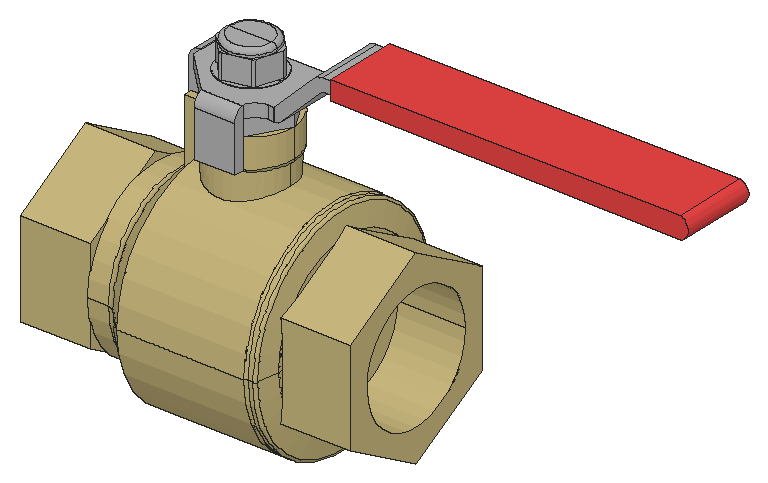
Revit family "QA00450000", category Apparecchi idraulici, Revit 2016
Family settings
  Tipo di parte = Normale
  Quota connettore circolare = Usa diametro
  Numero OmniClass = 23.45.00.00
  Titolo OmniClass = Sanitary, Laundry, and Cleaning Equipment
  Basato su piano di lavoro = No
  Sempre verticale = Sì
  Taglio con vuoti quando caricato = No
  Condiviso = No
  Punto di calcolo locali = No
Parameters
  URL = "https://web.cimberio.it/index.php/figura/83?subcategoria_id=41693"
  DN Model [instance] = QA00451040 : QA00451040
  DN [instance] = 40 mm
Reference planes
  plane 1 "Centro (Fronte/Retro)": y = 0
  plane 2: z = 0
  plane 3 "Centro (Sinistra/Destra)": x = 0
Dimensions and locks
  aligned and locked: level to plane 2
Nested families
  nested 1: "QA00451040" at (0, 0, 0), type <- "DN Model", type "QA00451040"
  nested 2: "QA00451040" at (0, 0, 0), type <- "DN Model", type "QA00451040"
  nested 3: "QA00451040" at (0, 0, 0), type <- "DN Model", type "QA00451040"
  nested 4: "QA00451040" at (0, 0, 0), type <- "DN Model", type "QA00451040"
  nested 5: "QA00451040" at (0, 0, 0), type <- "DN Model", type "QA00451040"
  nested 6: "QA00451040" at (0, 0, 0), type <- "DN Model", type "QA00451040"
  nested 7: "QA00451040" at (0, 0, 0), type <- "DN Model", type "QA00451040"
  nested 8: "QA00451040" at (0, 0, 0), type <- "DN Model", type "QA00451040"
  nested 9: "QA00451040" at (0, 0, 0), type <- "DN Model", type "QA00451040"
Connectors
  piping at (53.099, 0, 0), diameter 40, driven by "DN"
    settings: on nested 1, index 1, connector inside diameter 609.6 mm, connector length 0 mm, flow factor 0, pipe flow 0.0 L/s, pressure drop 0.0 Pa, fitting loss kfactor 0, connector angle 0.00°, fixture units 0, engagement length 0 mm, angle of deflection 0.00°, flow configuration 0, flow direction 0, fitting loss method 0, system type 7, joint type 0, gender type 0, connector reference index -1, connector utility 0, adjustable connector no, is connector primary yes, connector description ""
  piping at (-53.099, 0, 0), diameter 40, driven by "DN"
    settings: on nested 1, index 2, connector inside diameter 609.6 mm, connector length 0 mm, flow factor 0, pipe flow 0.0 L/s, pressure drop 0.0 Pa, fitting loss kfactor 0, connector angle 0.00°, fixture units 0, engagement length 0 mm, angle of deflection 0.00°, flow configuration 0, flow direction 0, fitting loss method 0, system type 7, joint type 0, gender type 0, connector reference index -1, connector utility 0, adjustable connector no, is connector primary no, connector description ""
Definition of nested family "QA00451040"
  Reference planes
    plane 1 "Centro (Fronte/Retro)": y = 0
    plane 2: z = 0
    plane 3 "Centro (Sinistra/Destra)": x = 0
  Forms (mm)
    Revolve 1, solid
      sketch origin (0, 0, 0) x (1, 0, 0) y (0, 1, 0)
        loop
          line (-30.5, 10) -> (30.971, 10) -> (30.971, 27.5) -> (29.75, 34.424)
          arc (29.75, 34.424) -> (29.408, 35.016) -> (28.765, 35.25) r 1
          line (28.765, 35.25) -> (27.157, 35.25) -> (26.224, 35.5) -> (-14.7, 35.5) -> (-21.821, 28.379)
          arc (-21.821, 28.379) -> (-22.795, 27.728) -> (-23.943, 27.5) r 3
          line (-23.943, 27.5) -> (-30.5, 27.5) -> (-30.5, 10)
        axis (-30.5, 0) -> (30.971, 0)
      angle from 0 to 360
    Extrusion 2, solid
      sketch origin (-11, 0, 0) x (0, 0, 1) y (0, 1, 0)
        loop
          circle (0, 0) r 20
        loop
          line (-30.35, 0) -> (-15.175, -26.284) -> (15.175, -26.284) -> (30.35, 0) -> (15.175, 26.284) -> (-15.175, 26.284) -> (-30.35, 0)
      from 19.5 to 42.099
    Extrusion 3, solid
      sketch origin (11, 0, 0) x (0, 0, 1) y (0, -1, 0)
        loop
          circle (0, 0) r 20
        loop
          line (-30.35, 0) -> (-15.175, -26.284) -> (15.175, -26.284) -> (30.35, 0) -> (15.175, 26.284) -> (-15.175, 26.284) -> (-30.35, 0)
      from 19.5 to 42.099
    Revolve 4, solid
      sketch origin (0, 0, 0) x (1, 0, 0) y (0, 0, 1)
        loop
          line (0, 52.8) -> (0, 31.443) -> (12.855, 31.443) -> (12.951, 42.5)
          arc (12.951, 42.5) -> (13.658, 42.793) -> (13.951, 43.5) r 1
          line (13.951, 43.5) -> (13.951, 52.8) -> (0, 52.8)
        axis (0, 52.8) -> (0, 31.443)
      angle from 0 to 360
    Extrusion 5, solid
      sketch origin (0, 0, 28.55) x (1, 0, 0) y (0, 1, 0)
        loop
          line (7, -12.124) -> (14, 0) -> (7, 12.124) -> (-7, 12.124) -> (-14, 0) -> (-7, -12.124) -> (7, -12.124)
      from 24.25 to 31.25
    Revolve 6, solid
      sketch origin (0, 0, 0) x (1, 0, 0) y (0, 0, 1)
        loop
          line (0, 64.7) -> (0, 59.8) -> (9.938, 59.8) -> (10.052, 64.7) -> (0, 64.7)
        axis (0, 64.7) -> (0, 59.8)
      angle from 0 to 360
    Extrusion 7, solid
      sketch origin (0, 0, 28.55) x (1, 0, 0) y (0, 1, 0)
        loop
          line (-16.049, 10) -> (-16.049, -2.851) -> (-2.9, -16) -> (10.101, -16)
          arc (10.101, -16) -> (11.838, -13.127) -> (15, -12) r 5
          line (15, -12) -> (17, -12) -> (17, 10) -> (-16.049, 10)
      from 32.15 to 36.15
    Extrusion 8, solid
      sketch origin (0, 0, 0) x (1, 0, 0) y (0, 0, 1)
        loop
          line (-19.049, 51.8) -> (-19.049, 29.508) -> (-10.553, 29.508) -> (-10.553, 51.8) -> (-19.049, 51.8)
      from 0 to 2.9
    Extrusion 9, solid
      sketch origin (0, 0, 0) x (1, 0, 0) y (0, 0, 1)
        loop
          arc (-16.049, 64.7) -> (-18.878, 63.528) -> (-20.049, 60.7) r 4
          line (-20.049, 60.7) -> (-20.049, 45.7) -> (-16.049, 45.7) -> (-16.049, 64.7)
      from -10 to 0
    Extrusion 10, solid
      sketch origin (-11, 0, 0) x (0, 0, 1) y (0, 1, 0)
        loop
          line (64.7, -16) -> (45.877, -16) -> (45.877, -19) -> (60.7, -19)
          arc (60.7, -19) -> (63.2, -18.167) -> (64.7, -16) r 4.166
      from -21.101 to -8.1
    Extrusion 11, solid
      sketch origin (0, 0, 28.55) x (1, 0, 0) y (0, 1, 0)
        loop
          line (2.187, 9.128) -> (-5.943, 7.251)
          arc (-5.943, 7.251) -> (-6.49, 6.96) -> (-6.819, 6.434) r 1.199
          line (-6.819, 6.434) -> (-9.254, -1.531)
          arc (-9.254, -1.531) -> (-9.276, -2.141) -> (-8.989, -2.681) r 1.179
          line (-8.989, -2.681) -> (-3.321, -8.759)
          arc (-3.321, -8.759) -> (-2.781, -9.096) -> (-2.144, -9.118) r 1.231
          line (-2.144, -9.118) -> (5.947, -7.25)
          arc (5.947, -7.25) -> (6.491, -6.961) -> (6.818, -6.439) r 1.19
          line (6.818, -6.439) -> (9.251, 1.52)
          arc (9.251, 1.52) -> (9.273, 2.141) -> (8.981, 2.689) r 1.2
          line (8.981, 2.689) -> (3.292, 8.79)
          arc (3.292, 8.79) -> (2.784, 9.107) -> (2.187, 9.128) r 1.155
      from 36.15 to 43.85
    Revolve 12, solid
      sketch origin (0, 0, 0) x (1, 0, 0) y (0, 0, 1)
        loop
          line (0, 74.7) -> (0, 72.4) -> (8.201, 72.4) -> (8.201, 73.2)
          arc (8.201, 73.2) -> (7.761, 74.261) -> (6.701, 74.7) r 1.5
          line (6.701, 74.7) -> (0, 74.7)
        axis (0, 74.7) -> (0, 72.4)
      angle from 0 to 360
    Extrusion 13, solid
      sketch origin (0, 0, 0) x (1, 0, 0) y (0, 0, 1)
        loop
          line (17, 64.7) -> (17, 60.7)
          arc (17, 60.7) -> (18.504, 61.014) -> (19.779, 61.872) r 4.001
          line (19.779, 61.872) -> (32.607, 74.7) -> (35.955, 74.7) -> (35.955, 78.7) -> (32.607, 78.7)
          arc (32.607, 78.7) -> (31.076, 78.397) -> (29.779, 77.528) r 3.981
          line (29.779, 77.528) -> (17, 64.7)
      from -10 to 12
    Extrusion 14, solid
      sketch origin (0, 0, 0) x (1, 0, 0) y (0, 0, 1)
        loop
          line (35.955, 79.7) -> (35.955, 73.7) -> (148.444, 73.209)
          arc (148.444, 73.209) -> (151.093, 76.7) -> (148.444, 80.191) r 3.625
          line (148.444, 80.191) -> (35.955, 79.7)
      from -11 to 13
  Cuts and joins
    joined: Revolve 1, Revolve 4, Extrusion 8
  Dimensions and locks
    aligned and locked: level to plane 2
